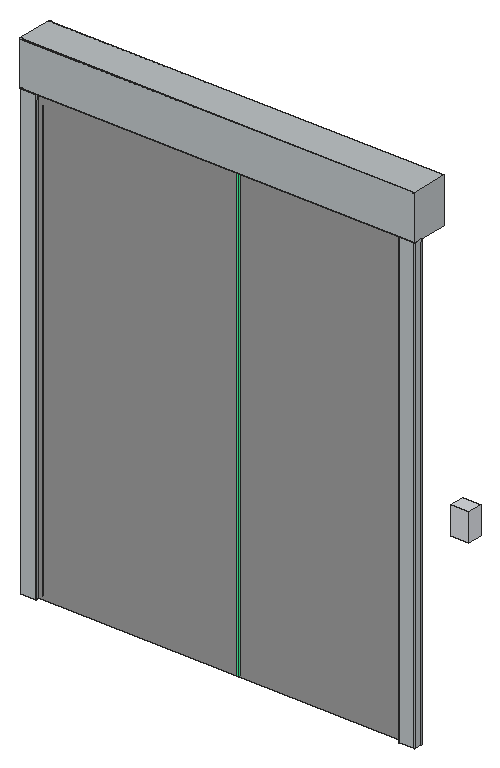
Revit family "DM_Штора_Противопожарная_Doormaster_EI-60", category Двери, Revit 2019
Family settings
  Основа = Стена
  Всегда вертикально = Да
  При загрузке вырезать с полостями = Нет
  Общий = Нет
  Точка расчета площади = Нет
Parameters (values of type "ш.2000 х в.2500")
  Щит управления_Справа снаружи [instance] = no
  Щит управления_Справа внутри [instance] = no
  Щит управления_Слева снаружи [instance] = yes
  Щит управления_Слева внутри [instance] = no
  Ширина направляющей = 90 mm  # constant formula
  Width = 2000 mm
  Функция = Наружные слои
  Толщина направляющей = 50 mm  # constant formula
  Толщина = 7 mm  # constant formula
  Тип конструкций = "Штора противопожарная"
  Смещение щита управления от шторы [instance] = 200 mm
  Rough Width [instance] = L1 + L2  # 2180 mm
  Rough Height [instance] = H + DM_Высота короба  # 2750 mm
  Предупреждение [instance] = or(Height < 500 mm, Height > 10000 mm, Width < 820 mm, Width > 12000 mm)  # no
  Описание = "Ворота рулонные (шторы) противопожарные торговой марки «DM-FIREPROF» (предел огнестойкости EI-60) модели «DM-FIREPROF-EI-60» стандартного исполнения (сплошные) или с эвакуационным лазом (выходом), автоматические (с электроприводом) выпускаемые по ТУ 25.12.10−001−63723343−2021 из кремнеземной ткани типа КТ-1-660, ТУ-13.96.14-011-99176106-2018, толщиной не менее 0,6 мм, плотностью не менее 600г/м² и внутреннего слоя из иглопрошивного мата типа CF-500-3 плотностью не менее 500г/м², общей толщиной полотна не менее 10 мм, прошитое кремнеземной нитью типа К11С6-250-БА(230)-ОТ, ТУ 5952-191-05786904-2007, и конструктивными элементами корпуса из стали (толщина стали профилей направляющих и подвижной планки не менее 1,5 мм), выпускаемые по ТУ 25.12.10-001-63723343-2021"
  Огнестойкость = "EI-60"  # constant formula
  Материал полотна = DM_Ткань_Кремнеземная_Со специальной пропиткой
  Изготовитель = "ООО «СТЦ Дормастер»"  # constant formula
  Глубина вставки_Геометрия [instance] = if(and(not(DM_Монтаж короба_На проем), not(DM_Монтаж левой направляющей_На проем), not(DM_Монтаж правой направляющей_На проем)), Глубина вставки, 0 mm)  # 0 mm
  Глубина вставки [instance] = 100 mm
  Высота установки щита управления [instance] = 1200 mm
  Height = 2500 mm
  Видимость притолоки и заплечника [instance] = yes
  Аварийный лаз_Смещение S2 [instance] = Width - Аварийный лаз_Смещение S1  # 1100 mm
  Аварийный лаз_Смещение S1 [instance] = 900 mm
  АЛ [instance] = if(and(DM_Аварийный лаз, DM_Аварийный лаз по центру), Width / 2, if(and(DM_Аварийный лаз, not(DM_Аварийный лаз по центру)), Аварийный лаз_Смещение S1, Width / 2))  # 900 mm
  x [instance] = (DM_Высота короба / 2) - 25 mm  # 100 mm
  Watermark [instance] = "Модели защищены уникальным кодом"
  URL = "https://www.doormaster.ru"
  L2 [instance] = if(DM_Монтаж правой направляющей_На проем, Width / 2 + Ширина направляющей, Width / 2)  # 1090 mm
  L1 [instance] = if(DM_Монтаж левой направляющей_На проем, Width / 2 + Ширина направляющей, Width / 2)  # 1090 mm
  H [instance] = if(not(DM_Монтаж короба_На проем), Height - DM_Высота короба, Height)  # 2500 mm
  DM_Электропривод [instance] = Электропривод : TUBE (Китай)
  DM_Щит управления [instance] = Щит управления : ЩУ-FIREPROF-220-1
  DM_Ширина короба = 200 mm
  DM_Притолока_Y [instance] = 500 mm
  DM_Привод_Справа [instance] = not(DM_Привод_Слева)  # no
  DM_Привод_Слева [instance] = yes
  DM_Покрытие металлоконструкций [instance] = ""
  DM_Монтаж правой направляющей_На проем [instance] = yes
  DM_Монтаж направляющих [instance] = if(and(DM_Монтаж левой направляющей_На проем, DM_Монтаж правой направляющей_На проем), "левая - на проем, правая - на проем", if(and(DM_Монтаж левой направляющей_На проем, not(DM_Монтаж правой направляющей_На проем)), "левая - на проем, правая - в проем", if(and(not(DM_Монтаж левой направляющей_На проем), not(DM_Монтаж правой направляющей_На проем)), "левая - в проем, правая - в проем", "левая - в проем, правая - на проем")))  # "левая - на проем, правая - на проем"
  DM_Монтаж левой направляющей_На проем [instance] = yes
  DM_Монтаж короба_На проем [instance] = yes
  DM_Монтаж короба [instance] = if(DM_Монтаж короба_На проем, "на проем", "в проем")  # "на проем"
  DM_Заплечник_R [instance] = 500 mm
  DM_Заплечник_L [instance] = 500 mm
  DM_Высота короба = 250 mm
  DM_Аварийный лаз_Смещение S2 [instance] = if(and(DM_Аварийный лаз, DM_Аварийный лаз по центру), Width / 2, if(and(DM_Аварийный лаз, not(DM_Аварийный лаз по центру)), Аварийный лаз_Смещение S2, 0 mm))  # 1100 mm
  DM_Аварийный лаз_Смещение S1 [instance] = if(and(DM_Аварийный лаз, DM_Аварийный лаз по центру), Width / 2, if(and(DM_Аварийный лаз, not(DM_Аварийный лаз по центру)), Аварийный лаз_Смещение S1, 0 mm))  # 900 mm
  DM_Аварийный лаз по центру [instance] = no
  DM_Аварийный лаз [instance] = yes
  BL_Разработано = "support@bimlib.pro"  # constant formula
  BL_Производитель_Контакты = "тел.: +7(495)542-89-49, email: RA@doormaster.ru"  # constant formula
  BL_BIM library = ""
  ADSK_Толщина стены [instance] = 300 mm
  ADSK_Размер_Ширина = Width  # 2000 mm
  ADSK_Размер_Высота = Height  # 2500 mm
  ADSK_Предел огнестойкости = "EI-60"  # constant formula
  ADSK_Площадь проемов = ADSK_Размер_Высота * ADSK_Размер_Ширина  # 5.00 m²
  ADSK_Обозначение = "ГОСТ Р 53307-2009"  # constant formula
  ADSK_Наименование краткое = "ППШ EI-60 2000х2500"
  ADSK_Наименование = "Противопожарная штора EI-60 2000х2500"
  ADSK_Материал [instance] = DM_Сталь_Оцинкованная
  ADSK_Масса_Текст = ""
  ADSK_Марка = "DM-FIREPROF-EI-60"
  ADSK_Количество = 1  # constant formula
  ADSK_Код изделия = "20.52.10.190.14.2.02"  # constant formula
  ADSK_Завод-изготовитель = "ООО «СТЦ Дормастер»"  # constant formula
  ADSK_Единица измерения = "шт."  # constant formula
  ADSK_Версия семейства = "1"  # constant formula
  ADSK_Версия Revit = "2019"  # constant formula
  ADSK_URL страницы изделия = "https://www.doormaster.ru/catalog/protivopozharnye_shtory/e60/"
Reference planes
  plane 1 "Стена": y = 0
  plane 2 "По центру (Влево/Вправо)": x = 125
  plane 3 "Сзади": y = 150
  plane 4: x = 1125
  plane 5: x = -875
  plane 6: z = 2500
  plane 7: z = 0
  plane 8: y = -150
  plane 9: x = -965
  plane 10: x = 1215
  plane 11 "Плоскость профиля": y = 150
  plane 12: z = 2500
  plane 13: z = 2750
  plane 14: y = 350
  plane 15: x = -920
  plane 16: x = -875
  plane 17: x = 1125
  plane 18: x = 1170
  plane 19: y = 200
  plane 20: y = 175
  plane 21: y = 178.5
  plane 22: y = 171.5
  plane 23: y = 200
  plane 24: y = 175
  plane 25: y = 182
  plane 26: y = 168
  plane 27: y = 200
  plane 28: z = 2600
  plane 29: z = 2650
  plane 30: x = 1625
  plane 31: x = -1375
  plane 32: z = 3000
  plane 33: x = 225
Forms (mm)
  Extrusion 1, void
    sketch origin (0, 0, 0) x (1, 0, 0) y (0, 0, 1)
      loop
        line (-875, 2500) -> (-875, 0) -> (1125, 0) -> (1125, 2500) -> (-875, 2500)
    from -150 to 150
  Sweep 2, solid, material "DM_Сталь_Оцинкованная" <- "ADSK_Материал", detail levels fine
    path origin (-1183.887, 150, 1200) x (-1, 0, 0) y (0, 0, 1)
      loop
        line (-2398.887, 1300) -> (-2398.887, -1200)
    profile "DM_Профиль направляющей : DM_Профиль направляющей" origin (1215, 150, 1250) x (-1, 0, 0) y (0, 1, 0)
      loop
        line (5, 0) -> (85, 0)
        arc (85, 0) -> (89.217, 2.314) -> (89.532, 7.113) r 5
        line (89.532, 7.113) -> (82.357, 21.5) -> (45, 21.5) -> (45, 28.5) -> (82.357, 28.5) -> (89.532, 42.887)
        arc (89.532, 42.887) -> (89.217, 47.686) -> (85, 50) r 5
        line (85, 50) -> (5, 50)
        arc (5, 50) -> (1.464, 48.536) -> (0, 45) r 5
        line (0, 45) -> (0, 5)
        arc (0, 5) -> (1.464, 1.464) -> (5, 0) r 5
  Sweep 3, solid, material "DM_Сталь_Оцинкованная" <- "ADSK_Материал", detail levels fine
    path origin (-1183.887, 150, 1200) x (-1, 0, 0) y (0, 0, 1)
      loop
        line (-218.887, 1300) -> (-218.887, -1200)
    profile "DM_Профиль направляющей : DM_Профиль направляющей" origin (-965, 150, 1250) x (-1, 0, 0) y (0, 1, 0)
      loop
        arc (-5, 0) -> (-1.464, 1.464) -> (0, 5) r 5
        line (0, 5) -> (0, 45)
        arc (0, 45) -> (-1.464, 48.536) -> (-5, 50) r 5
        line (-5, 50) -> (-85, 50)
        arc (-85, 50) -> (-89.217, 47.686) -> (-89.532, 42.887) r 5
        line (-89.532, 42.887) -> (-82.357, 28.5) -> (-45, 28.5) -> (-45, 21.5) -> (-82.357, 21.5) -> (-89.532, 7.113)
        arc (-89.532, 7.113) -> (-89.217, 2.314) -> (-85, 0) r 5
        line (-85, 0) -> (-5, 0)
  Extrusion 4, solid, material "DM_Сталь_Оцинкованная" <- "ADSK_Материал", detail levels fine
    sketch origin (125, 0, 0) x (0, 1, 0) y (0, 0, 1)
      loop
        line (348, 2750) -> (152, 2750)
        arc (152, 2750) -> (150.586, 2749.414) -> (150, 2748) r 2
        line (150, 2748) -> (150, 2502)
        arc (150, 2502) -> (150.586, 2500.586) -> (152, 2500) r 2
        line (152, 2500) -> (348, 2500)
        arc (348, 2500) -> (349.414, 2500.586) -> (350, 2502) r 2
        line (350, 2502) -> (350, 2748)
        arc (350, 2748) -> (349.414, 2749.414) -> (348, 2750) r 2
    from -1090 to 1090
  Extrusion 5, solid, material "DM_Ткань_Кремнеземная_Со специальной пропиткой" <- "Материал полотна", detail levels fine
    sketch origin (0, 0, 0) x (1, 0, 0) y (0, 1, 0)
      loop
        line (-920, 178.5) -> (-920, 171.5) -> (1170, 171.5) -> (1170, 178.5) -> (-920, 178.5)
    from 0 to 2500
  Extrusion 6, solid, material "DM_Сталь_Оцинкованная" <- "ADSK_Материал", detail levels coarse+medium
    sketch origin (0, 0, 0) x (1, 0, 0) y (0, 1, 0)
      loop
        line (-965, 200) -> (-965, 150) -> (-875, 150) -> (-875, 200) -> (-965, 200)
      loop
        line (1215, 150) -> (1215, 200) -> (1125, 200) -> (1125, 150) -> (1215, 150)
    from 0 to 2500
  Extrusion 7, solid, material "DM_Сталь_Оцинкованная" <- "ADSK_Материал", detail levels coarse+medium
    sketch origin (125, 0, 0) x (0, 1, 0) y (0, 0, 1)
      loop
        line (350, 2750) -> (150, 2750) -> (150, 2500) -> (350, 2500) -> (350, 2750)
    from -1090 to 1090
  Extrusion 8, solid, material "DM_Ткань_Кремнеземная_Со специальной пропиткой" <- "Материал полотна", detail levels coarse+medium
    sketch origin (0, 0, 0) x (1, 0, 0) y (0, 1, 0)
      loop
        line (-875, 200) -> (-875, 150) -> (1125, 150) -> (1125, 200) -> (-875, 200)
    from 0 to 2500
  Extrusion 9, solid, material "DM_Аварийный лаз", visible <- "DM_Аварийный лаз", detail levels fine
    sketch origin (225, 225, -225.958) x (0, 0, -1) y (0, 1, 0)
      loop
        line (-225.958, -57) -> (-225.958, -43) -> (-2725.958, -43) -> (-2725.958, -57) -> (-225.958, -57)
    from -5 to 5
  Extrusion 10, solid, material "DM_Аварийный лаз", visible <- "DM_Аварийный лаз", detail levels coarse+medium
    sketch origin (225, 225, -225.958) x (0, 0, -1) y (0, 1, 0)
      loop
        line (-225.958, -23) -> (-2725.958, -23) -> (-2725.958, -77) -> (-225.958, -77) -> (-225.958, -23)
    from -5 to 5
Lines and regions (mm)
  Masking region 1
    outline origin (0, 0, 0) x (1, 0, 0) y (0, 1, 0)
      loop
        line (-965, 200) -> (-965, 150) -> (-875, 150) -> (-875, 200) -> (-965, 200)
      loop
        line (1215, 200) -> (1125, 200) -> (1125, 150) -> (1215, 150) -> (1215, 200)
  symbolic lines, style "DoorsHiddenLines", detail levels medium+fine
    curve 1: line (-965, 350, 0) -> (-965, 150, 0)
    curve 2: line (-965, 150, 0) -> (1215, 150, 0)
    curve 3: line (1215, 150, 0) -> (1215, 350, 0)
    curve 4: line (-965, 350, 0) -> (1215, 350, 0)
  symbolic lines, style "DoorsHiddenLines", visible <- "DM_Привод_Справа", detail levels medium+fine
    curve 5: line (-965, 200, 0) -> (-565, 200, 0)
    curve 6: line (-565, 200, 0) -> (-565, 250, 0)
    curve 7: line (-565, 250, 0) -> (-965, 250, 0)
    curve 8: line (-965, 250, 0) -> (-965, 200, 0)
  symbolic lines, style "DoorsHiddenLines", visible <- "DM_Привод_Слева", detail levels medium+fine
    curve 9: line (815, 200, 0) -> (1215, 200, 0)
    curve 10: line (1215, 200, 0) -> (1215, 250, 0)
    curve 11: line (1215, 250, 0) -> (815, 250, 0)
    curve 12: line (815, 250, 0) -> (815, 200, 0)
  symbolic lines, style "DoorsHiddenLines", visible <- "DM_Привод_Слева"
    curve 13: line (1215, 150, 2650) -> (1215, 150, 2600)
    curve 14: line (1215, 150, 2600) -> (815, 150, 2600)
    curve 15: line (815, 150, 2600) -> (815, 150, 2650)
    curve 16: line (815, 150, 2650) -> (1215, 150, 2650)
  symbolic lines, style "DoorsHiddenLines", visible <- "DM_Привод_Справа"
    curve 17: line (-565, 150, 2650) -> (-965, 150, 2650)
    curve 18: line (-565, 150, 2600) -> (-565, 150, 2650)
    curve 19: line (-965, 150, 2600) -> (-565, 150, 2600)
    curve 20: line (-965, 150, 2650) -> (-965, 150, 2600)
  symbolic lines, style "Doors"
    curve 21: line (-875, 175, 0) -> (1125, 175, 0)
  symbolic lines, style "Предупреждение", visible <- "Видимость притолоки и заплечника"
    curve 22: line (1625, 150, 0) -> (1625, 150, 3000)
    curve 23: line (1625, 150, 3000) -> (-1375, 150, 3000)
    curve 24: line (-1375, 150, 3000) -> (-1375, 150, 0)
Text (mm)
  text "Сторона размещения" at (-1848.837, 1116.779, 0), in view "Опорный уровень"
  text "Сторона размещения" at (0, 1409.804, 2854.306), in view "Слева"
  text "Сторона размещения" at (0, 499.811, 2980.732), in view "Справа"
Dimensions and locks
  locked: plane 3 "Сзади" to host wall
  equal spacing: plane 4, plane 2 "По центру (Влево/Вправо)", plane 5
  "ADSK_Размер_Ширина": plane 4 to plane 5
  locked: level to plane 7
  "ADSK_Размер_Высота": plane 6 to plane 7
  locked: plane 8 to host wall at 0
  "ADSK_Толщина стены": plane 8 to plane 3 "Сзади"
  "Глубина вставки_Геометрия": plane 3 "Сзади" to plane 11 "Плоскость профиля"
  "H": plane 7 to plane 12
  "DM_Высота короба": plane 12 to plane 13
  "DM_Ширина короба": plane 14 to plane 11 "Плоскость профиля"
  equal spacing: plane 17, plane 18, plane 10
  "Ширина направляющей": plane 17 to plane 10
  equal spacing: plane 9, plane 15, plane 16
  "Ширина направляющей": plane 9 to plane 16
  equal spacing: plane 21, plane 20, plane 22
  "Толщина": plane 21 to plane 22
  equal spacing: plane 11 "Плоскость профиля", plane 20, plane 19
  "Толщина направляющей": plane 19 to plane 11 "Плоскость профиля"
  "Толщина направляющей": plane 11 "Плоскость профиля" to Extrusion 6 sketch curve
  "DM_Высота короба": Extrusion 7 sketch curve to plane 12
  "DM_Ширина короба": Extrusion 7 sketch curve to plane 11 "Плоскость профиля"
  "Ширина направляющей": plane 9 to Extrusion 6 sketch curve
  "Ширина направляющей": Extrusion 6 sketch curve to plane 10
  "Ширина направляющей": plane 9 to Extrusion 8 sketch curve
  "Ширина направляющей": Extrusion 8 sketch curve to plane 10
  "Толщина направляющей": plane 11 "Плоскость профиля" to Extrusion 8 sketch curve
  "L2": plane 9 to plane 2 "По центру (Влево/Вправо)"
  "L1": plane 2 "По центру (Влево/Вправо)" to plane 10
  "Толщина": plane 25 to plane 24 to plane 26
  equal spacing: plane 23, plane 24, plane 11 "Плоскость профиля"
  "Толщина направляющей": plane 23 to plane 11 "Плоскость профиля"
  locked: Extrusion 10 sketch curve to plane 27 at 2
  locked: plane 11 "Плоскость профиля" to Extrusion 10 sketch curve at 2
  "Толщина направляющей": plane 27 to plane 11 "Плоскость профиля"
  "DM_Ширина короба": curve 2 to curve 4
  "Толщина направляющей": curve 11 to curve 9 to plane 11 "Плоскость профиля"
  locked: curve 12 to plane 10 at 400
  "Толщина направляющей": curve 7 to curve 5 to plane 11 "Плоскость профиля"
  locked: plane 9 to curve 6 at 400
  "x": plane 12 to plane 28
  locked: plane 28 to plane 29 at 50
  locked: curve 15 to plane 10 at 400
  locked: curve 18 to plane 9 at 400
  "Смещение щита управления от шторы": nested 2 to plane 9
  "Смещение щита управления от шторы": nested 3 to plane 9
  "Смещение щита управления от шторы": plane 10 to nested 1
  "Смещение щита управления от шторы": plane 10 to nested 4
  locked: text3d elem to plane 3 "Сзади" at 450
  "Ширина направляющей": plane 9 to Masking region 1 sketch curve
  "Толщина направляющей": Masking region 1 sketch curve to plane 11 "Плоскость профиля"  (x2)
  "Ширина направляющей": Masking region 1 sketch curve to plane 10
  equal spacing: Masking region 1, curve 21, Masking region 1
  "DM_Притолока_Y": plane 12 to plane 32
  "DM_Заплечник_R": plane 31 to plane 5
  "DM_Заплечник_L": plane 4 to plane 30
  "АЛ": plane 4 to plane 33
  radius of Extrusion 4 sketch curve = 2 mm  (x4)
  aligned and locked: plane 1 "Стена" to host wall
  aligned and locked: Extrusion 1 sketch curve to plane 6
  aligned and locked: plane 5 to Extrusion 1 sketch curve
  aligned and locked: plane 4 to Extrusion 1 sketch curve
  aligned and locked: Extrusion 1 sketch curve to plane 7
  aligned and locked: Extrusion 1 to plane 3 "Сзади"
  aligned and locked: host wall to Extrusion 1
  aligned and locked: plane 7 to Sweep 2 sketch curve
  aligned and locked: Sweep 2 sketch curve to plane 10
  aligned and locked: plane 9 to Sweep 3 sketch curve
  aligned and locked: plane 7 to Sweep 3 sketch curve
  aligned and locked: plane 12 to Sweep 2 sketch curve
  aligned and locked: plane 12 to Sweep 3 sketch curve
  aligned and locked: Extrusion 4 sketch curve to plane 14
  aligned and locked: plane 13 to Extrusion 4 sketch curve
  aligned and locked: plane 11 "Плоскость профиля" to Extrusion 4 sketch curve
  aligned and locked: plane 12 to Extrusion 4 sketch curve
  aligned and locked: Extrusion 4 to plane 10
  aligned and locked: Extrusion 4 to plane 9
  aligned and locked: Extrusion 5 sketch curve to plane 15
  aligned and locked: Extrusion 5 sketch curve to plane 21
  aligned and locked: Extrusion 5 sketch curve to plane 22
  aligned and locked: Extrusion 5 sketch curve to plane 18
  aligned and locked: plane 12 to Extrusion 5
  aligned and locked: plane 9 to Extrusion 6 sketch curve
  aligned and locked: plane 10 to Extrusion 6 sketch curve
  aligned and locked: plane 11 "Плоскость профиля" to Extrusion 6 sketch curve  (x2)
  aligned and locked: plane 12 to Extrusion 6
  aligned and locked: plane 12 to Extrusion 7 sketch curve
  aligned and locked: plane 11 "Плоскость профиля" to Extrusion 7 sketch curve
  aligned and locked: Extrusion 7 to plane 10
  aligned and locked: Extrusion 7 to plane 9
  aligned and locked: Extrusion 6 sketch curve to Extrusion 6 sketch curve
  aligned and locked: plane 11 "Плоскость профиля" to Extrusion 8 sketch curve
  aligned and locked: plane 12 to Extrusion 8
  aligned and locked: Extrusion 9 sketch curve to plane 12
  aligned and locked: Extrusion 9 sketch curve to plane 7
  aligned and locked: Extrusion 9 sketch curve to plane 26
  aligned and locked: Extrusion 9 sketch curve to plane 25
  aligned and locked: plane 7 to Extrusion 10 sketch curve
  aligned and locked: plane 12 to Extrusion 10 sketch curve
  aligned and locked: text3d elem to plane 2 "По центру (Влево/Вправо)"
  aligned and locked: curve 1 to plane 9
  aligned and locked: curve 3 to plane 10
  aligned and locked: curve 2 to plane 11 "Плоскость профиля"
  aligned and locked: curve 10 to plane 10
  aligned and locked: curve 8 to plane 9
  aligned and locked: curve 14 to plane 28
  aligned and locked: curve 16 to plane 29
  aligned and locked: curve 13 to plane 10
  aligned and locked: plane 29 to curve 17
  aligned and locked: plane 28 to curve 19
  aligned and locked: plane 9 to curve 20
  aligned and locked: nested 1 to plane 3 "Сзади"
  aligned and locked: nested 2 to plane 3 "Сзади"
  aligned and locked: nested 3 to plane 8
  aligned and locked: nested 4 to plane 8
  aligned and locked: plane 9 to Masking region 1 sketch curve
  aligned and locked: plane 11 "Плоскость профиля" to Masking region 1 sketch curve
  aligned and locked: Masking region 1 sketch curve to plane 10
  aligned and locked: Masking region 1 sketch curve to plane 11 "Плоскость профиля"
  aligned and locked: Masking region 1 to curve 21  (x2)
  aligned and locked: level to curve 22
  aligned and locked: level to curve 24
  aligned and locked: curve 22 to plane 30
  aligned and locked: curve 24 to plane 31
  aligned and locked: curve 23 to plane 32
Nested families
  nested 1: "Щит управления" at (1465, 150, 1200) x (-1, 0, 0) z (0, 0, 1), built-in parameter 1001364 <- "Высота установки щита управления", type <- "DM_Щит управления", visible <- "Щит управления_Слева снаружи", type "ЩУ-FIREPROF-220-1"
  nested 2: "Щит управления" at (-1215, 150, 1200) x (-1, 0, 0) z (0, 0, 1), built-in parameter 1001364 <- "Высота установки щита управления", type <- "DM_Щит управления", visible <- "Щит управления_Справа снаружи", type "ЩУ-FIREPROF-220-1"
  nested 3: "Щит управления" at (-1215, -150, 1200), built-in parameter 1001364 <- "Высота установки щита управления", type <- "DM_Щит управления", visible <- "Щит управления_Справа внутри", type "ЩУ-FIREPROF-220-1"
  nested 4: "Щит управления" at (1465, -150, 1200), built-in parameter 1001364 <- "Высота установки щита управления", type <- "DM_Щит управления", visible <- "Щит управления_Слева внутри", type "ЩУ-FIREPROF-220-1"
Definition of nested family "Щит управления"
  Parameters (values of type "ЩУ-FIREPROF-220-1")
    h = ADSK_Размер_Высота / 2  # 75 mm
    ADSK_Размер_Ширина = 100 mm
    ADSK_Размер_Глубина = 80 mm
    ADSK_Размер_Высота = 150 mm
    ADSK_Материал = none
  Types (2, lengths in mm): name | h | ADSK_Размер_Ширина | ADSK_Размер_Глубина | ADSK_Размер_Высота
    ЩУ-FIREPROF-220-1 | 75 | 100 | 80 | 150
    ЩУ-480-1 (с ИБП) | 147 | 345 | 155 | 294
  Reference planes
    plane 1 "По центру (Вперед/Назад)": y = 0
    plane 2: z = 0
    plane 3 "По центру (Влево/Вправо)": x = 0
    plane 4: x = -50
    plane 5: x = 50
    plane 6: z = -75
    plane 7: z = 75
  Forms (mm)
    Extrusion 1, solid, material <- "ADSK_Материал", detail levels medium+fine
      sketch origin (0, 0, 0) x (1, 0, 0) y (0, 0, 1)
        loop
          line (-50, 75) -> (-50, -75) -> (50, -75) -> (50, 75) -> (-50, 75)
      from 0 to 80 <- "ADSK_Размер_Глубина"
  Lines and regions (mm)
    Masking region 1, detail levels medium+fine
      outline origin (0, 0, 0) x (1, 0, 0) y (0, 1, 0)
        loop
          line (-50, 0) -> (-50, -80) -> (50, -80) -> (50, 0) -> (-50, 0)
  Dimensions and locks
    "h": plane 7 to plane 2 to plane 6
    equal spacing: plane 4, plane 3 "По центру (Влево/Вправо)", plane 5
    "ADSK_Размер_Ширина": plane 4 to plane 5
    "ADSK_Размер_Глубина": plane 1 "По центру (Вперед/Назад)" to Masking region 1 sketch curve
    aligned and locked: level to plane 2
    aligned and locked: Extrusion 1 sketch curve to plane 4
    aligned and locked: Extrusion 1 sketch curve to plane 7
    aligned and locked: Extrusion 1 sketch curve to plane 5
    aligned and locked: Extrusion 1 sketch curve to plane 6
    aligned and locked: Masking region 1 sketch curve to plane 4
    aligned and locked: plane 1 "По центру (Вперед/Назад)" to Masking region 1 sketch curve
    aligned and locked: Masking region 1 sketch curve to plane 5
  Connectors
    electrical at (0, 0, 0)
      settings: on Extrusion 1, index 1, voltage 0 V, apparent load 0 VA, apparent load phase1 0 VA, apparent load phase2 0 VA, apparent load phase3 0 VA, power factor 1, load classification none, number of poles 1, system type 13, power factor state 1, is connector primary yes, connector utility no, sub classification motor no, connector description ""
